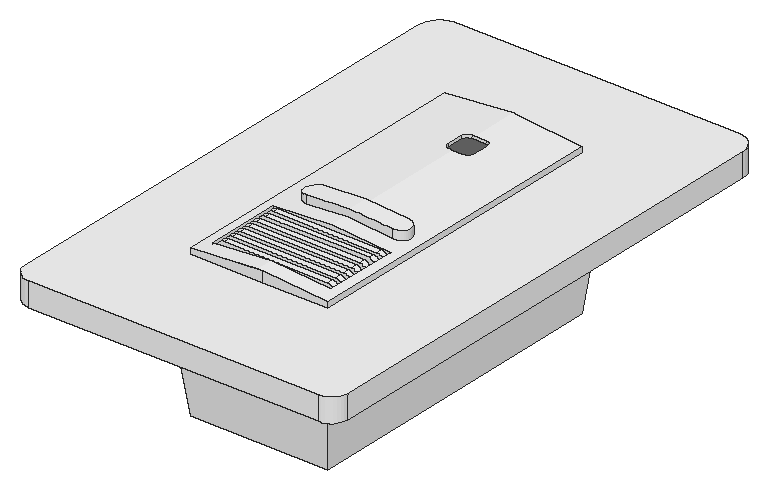
Revit family "1116A_LightHAWK2_LHUS", category Communication Devices, host Face, Revit 2021
Family settings
  Host = Face
  Maintain Annotation Orientation = No
  Round Connector Dimension = Use Diameter
  Part Type = Normal
  OmniClass Number = 23.85.80.11.27
  OmniClass Title = Lighting Controls
  Cut with Voids When Loaded = No
  Shared = Yes
  Room Calculation Point = No
Parameters
  Warranty = "5-Years Warranty"  # constant formula
  Type Comments = "LightHAWK®2 Ultrasonic Wall Switch Sensor"  # constant formula
  Product Page URL = ""
  Product Documentation Link = ""
  URL = "https://www.currentlighting.com/nxlightingcontrols"
  Model = " Wall Switch Occupancy Sensors"  # constant formula
  Manufacturer = " NX Lighting Controls"  # constant formula
  Width = 2.75"
  Features = "Digital Ultrasonic (US) sensor \r\nIntelliDAPT self-adaptive technology—no manual adjustment required \r\nDual circuit has isolated relays \r\nOccupancy (auto-on) and Vacancy (manual-on) operating modes \r\nAvailable with or without Neutral \r\n400 square-foot, 180° coverage area \r\n120/277VAC operation \r\nNo minimum load requirement \r\nZero Arc Point Switching \r\nFive-year limited warranty \r\n120-277VAC and 347VAC models \r\nLow voltage device: 24VDC \r\n"  # constant formula
  Black = Paint -  Carbon Black
  Height = 4.50"
  White = Paint - Matte White
  Description = "The LightHAWK®2 Ultrasonic Wall Switch Sensor uses ultrasonic (US)\r\ntechnology for detecting minor movement in areas with line-ofsight\r\nobstacles such as cubicles and stalls. Ultrasonic technology is\r\nvolumetric in nature, its coverage pattern can adapt itself to fill oddly\r\nshaped spaces such as alcoves, recesses, and nooks. This sensor has a\r\ncoverage area of up to 400 square feet and 180° of detection"  # constant formula
  Default Elevation = 48.00"
  Copyright = "Copyright ©  NX Lighting Controls"  # constant formula
  Contact Us = ""
  Assembly Code = "D5090"
Reference planes (in)
  plane 1 "Center (Front/Back)": y = 13.01342
  plane 2: z = 0
  plane 3 "Center (Left/Right)": x = 0
  plane 4: x = -1.375
  plane 5: x = 1.375
  plane 6: y = 15.26342
  plane 7: y = 10.76342
  plane 8: z = -1.35
  plane 9: z = 0.3
Forms (in)
  Extrusion 1, solid, material "Paint - Matte White" <- "White"
    sketch origin (0, 0, -0.5) x (1, 0, 0) y (0, 1, 0)
      loop
        arc (-1.17464, 15.26342) -> (-1.31632, 15.20473) -> (-1.375, 15.06306) r 0.20036
        line (-1.375, 15.06306) -> (-1.375, 10.91856)
        arc (-1.375, 10.91856) -> (-1.32956, 10.80886) -> (-1.21986, 10.76342) r 0.15514
        line (-1.21986, 10.76342) -> (1.23768, 10.76342)
        arc (1.23768, 10.76342) -> (1.33478, 10.80364) -> (1.375, 10.90074) r 0.13732
        line (1.375, 10.90074) -> (1.375, 15.08233)
        arc (1.375, 15.08233) -> (1.32196, 15.21038) -> (1.19391, 15.26342) r 0.18109
        line (1.19391, 15.26342) -> (-1.17464, 15.26342)
    from 0.6 to 0.4
  Extrusion 2, solid, material "Paint - Matte White" <- "White"
    sketch origin (0, 0, 0) x (1, 0, 0) y (0, 1, 0)
      loop
        line (-0.61252, 14.41205) -> (-0.61252, 11.71709) -> (0, 11.71709) -> (0.55202, 11.71709) -> (0.55202, 14.41205) -> (0, 14.41205) -> (-0.61252, 14.41205)
    from 0.23534 to 0.1
  Extrusion 3, void
    sketch origin (0, 13.01342, 0) x (1, 0, 0) y (0, 0, 1)
      loop
        line (-0.80064, 0.50032) -> (-0.80064, 0.11093)
        arc (-0.80064, 0.11093) -> (-0.03604, 0.19217) -> (0.72866, 0.11196) r 3.66183
        line (0.72866, 0.11196) -> (0.72866, 0.50032) -> (-0.80064, 0.50032)
    from 1.29633 to -1.39863
  Extrusion 4, solid, material "Paint - Matte White" <- "White"
    sketch origin (0, -0.50782, -0.15625) x (1, 0, 0) y (0, 1, 0)
      loop
        arc (-0.36532, 13.31515) -> (-0.44943, 13.23104) -> (-0.36532, 13.14693) r 0.08411
        line (-0.36532, 13.14693) -> (0.36532, 13.14693)
        arc (0.36532, 13.14693) -> (0.44943, 13.23104) -> (0.36532, 13.31515) r 0.08411
        line (0.36532, 13.31515) -> (-0.36532, 13.31515)
    from 0.41734 to 0.3
  Extrusion 5, void
    sketch origin (0, 12.66185, -0.15625) x (1, 0, 0) y (0, 0, 1)
      loop
        line (-0.68234, 0.93634) -> (-0.68234, 0.33634)
        arc (-0.68234, 0.33634) -> (0.00087, 0.41153) -> (0.68408, 0.33634) r 3.14149
        line (0.68408, 0.33634) -> (0.68408, 0.93634) -> (-0.68234, 0.93634)
    from 0.07779 to -0.22916
  Extrusion 6, void
    sketch origin (0, 0, 0) x (1, 0, 0) y (0, 1, 0)
      loop
        line (-0.52918, 12.4843) -> (-0.52918, 11.85227) -> (0.47082, 11.85227) -> (0.47082, 12.4843) -> (-0.52918, 12.4843)
    from 0.8 to 0
  Extrusion 7, solid, material "Paint - Matte White" <- "White"
    sketch origin (-0.20544, 12.15494, -0.06076) x (1, 0, 0) y (0, 0, 1)
      loop
        line (-0.32566, 0.16057) -> (0.08594, 0.16057) -> (0.68073, 0.16057)
        arc (0.68073, 0.16057) -> (0.66385, 0.20745) -> (0.62096, 0.23281) r 0.07354
        arc (0.62096, 0.23281) -> (0.18246, 0.249) -> (-0.25611, 0.23492) r 6.36196
        arc (-0.25611, 0.23492) -> (-0.30556, 0.21148) -> (-0.32566, 0.16057) r 0.07451
    from 0.2657 to 0.21808
  Extrusion 8, solid, material "Paint - Matte White" <- "White"
    sketch origin (-0.20544, 12.23954, -0.06076) x (1, 0, 0) y (0, 0, 1)
      loop
        line (-0.32566, 0.16057) -> (0.08594, 0.16057) -> (0.68073, 0.16057)
        arc (0.68073, 0.16057) -> (0.66385, 0.20745) -> (0.62096, 0.23281) r 0.07354
        arc (0.62096, 0.23281) -> (0.18246, 0.249) -> (-0.25611, 0.23492) r 6.36196
        arc (-0.25611, 0.23492) -> (-0.30556, 0.21148) -> (-0.32566, 0.16057) r 0.07451
    from 0.2657 to 0.21808
  Extrusion 9, solid, material "Paint - Matte White" <- "White"
    sketch origin (-0.20544, 12.32413, -0.06076) x (1, 0, 0) y (0, 0, 1)
      loop
        line (-0.32566, 0.16057) -> (0.08594, 0.16057) -> (0.68073, 0.16057)
        arc (0.68073, 0.16057) -> (0.66385, 0.20745) -> (0.62096, 0.23281) r 0.07354
        arc (0.62096, 0.23281) -> (0.18246, 0.249) -> (-0.25611, 0.23492) r 6.36196
        arc (-0.25611, 0.23492) -> (-0.30556, 0.21148) -> (-0.32566, 0.16057) r 0.07451
    from 0.2657 to 0.21808
  Extrusion 10, solid, material "Paint - Matte White" <- "White"
    sketch origin (-0.20544, 12.40872, -0.06076) x (1, 0, 0) y (0, 0, 1)
      loop
        line (-0.32566, 0.16057) -> (0.08594, 0.16057) -> (0.68073, 0.16057)
        arc (0.68073, 0.16057) -> (0.66385, 0.20745) -> (0.62096, 0.23281) r 0.07354
        arc (0.62096, 0.23281) -> (0.18246, 0.249) -> (-0.25611, 0.23492) r 6.36196
        arc (-0.25611, 0.23492) -> (-0.30556, 0.21148) -> (-0.32566, 0.16057) r 0.07451
    from 0.2657 to 0.21808
  Extrusion 11, solid, material "Paint - Matte White" <- "White"
    sketch origin (-0.20544, 12.49332, -0.06076) x (1, 0, 0) y (0, 0, 1)
      loop
        line (-0.32566, 0.16057) -> (0.08594, 0.16057) -> (0.68073, 0.16057)
        arc (0.68073, 0.16057) -> (0.66385, 0.20745) -> (0.62096, 0.23281) r 0.07354
        arc (0.62096, 0.23281) -> (0.18246, 0.249) -> (-0.25611, 0.23492) r 6.36196
        arc (-0.25611, 0.23492) -> (-0.30556, 0.21148) -> (-0.32566, 0.16057) r 0.07451
    from 0.2657 to 0.21808
  Extrusion 12, solid, material "Paint - Matte White" <- "White"
    sketch origin (-0.20544, 12.58844, -0.06076) x (1, 0, 0) y (0, 0, 1)
      loop
        line (-0.32566, 0.16057) -> (0.08594, 0.16057) -> (0.68073, 0.16057)
        arc (0.68073, 0.16057) -> (0.66385, 0.20745) -> (0.62096, 0.23281) r 0.07354
        arc (0.62096, 0.23281) -> (0.18246, 0.249) -> (-0.25611, 0.23492) r 6.36196
        arc (-0.25611, 0.23492) -> (-0.30556, 0.21148) -> (-0.32566, 0.16057) r 0.07451
    from 0.2657 to 0.21808
  Extrusion 13, solid, material "Paint - Matte White" <- "White"
    sketch origin (-0.20544, 12.67303, -0.06076) x (1, 0, 0) y (0, 0, 1)
      loop
        line (-0.32566, 0.16057) -> (0.08594, 0.16057) -> (0.68073, 0.16057)
        arc (0.68073, 0.16057) -> (0.66385, 0.20745) -> (0.62096, 0.23281) r 0.07354
        arc (0.62096, 0.23281) -> (0.18246, 0.249) -> (-0.25611, 0.23492) r 6.36196
        arc (-0.25611, 0.23492) -> (-0.30556, 0.21148) -> (-0.32566, 0.16057) r 0.07451
    from 0.2657 to 0.21808
  Extrusion 14, void
    sketch origin (0, 0, 0) x (1, 0, 0) y (0, 1, 0)
      loop
        arc (-0.05908, 14.00966) -> (-0.09724, 13.99385) -> (-0.11305, 13.9557) r 0.05396
        line (-0.11305, 13.9557) -> (-0.11305, 13.82325)
        arc (-0.11305, 13.82325) -> (-0.09772, 13.78624) -> (-0.06071, 13.77091) r 0.05234
        line (-0.06071, 13.77091) -> (0.0577, 13.77091)
        arc (0.0577, 13.77091) -> (0.09473, 13.78625) -> (0.11008, 13.82329) r 0.05238
        line (0.11008, 13.82329) -> (0.11008, 13.95867)
        arc (0.11008, 13.95867) -> (0.09514, 13.99473) -> (0.05908, 14.00966) r 0.05099
        line (0.05908, 14.00966) -> (-0.05908, 14.00966)
    from 0.22626 to 0.1699
  Blend 15, solid, material "Paint - Matte White" <- "White"
    base sketch origin (0, 0, 0) x (1, 0, 0) y (0, 1, 0)
      loop
        line (-0.73509, 14.56519) -> (-0.73509, 11.56519) -> (0.66835, 11.56519) -> (0.66835, 14.56519) -> (-0.73509, 14.56519)
    top sketch origin (0, 0, 0) x (1, 0, 0) y (0, 1, 0)
      loop
        line (-0.61252, 14.41205) -> (-0.61252, 11.71709) -> (0.55202, 11.71709) -> (0.55202, 14.41205) -> (-0.61252, 14.41205)
    from 0 to -1.12608
Cuts and joins
  Extrusion 3, Extrusion 6 cuts Extrusion 1
  Extrusion 3, Extrusion 6, Extrusion 14 cuts Extrusion 2
  joined: Extrusion 1, Extrusion 2
  Extrusion 5 cuts Extrusion 4
Dimensions and locks (in)
  plane 2 to plane 8 = 1.35"
  "Width": plane 4 to plane 5
  equal spacing: plane 4, plane 3 "Center (Left/Right)", plane 5
  "Height": plane 7 to plane 6
  equal spacing: plane 7, plane 1 "Center (Front/Back)", plane 6
  plane 9 to plane 8 = 1.65"
  aligned and locked: plane 2 to host face
  aligned and locked: level to host face
Automatic sketch dimensions
  host sketch curve to host sketch curve = 96.00"  (x2)
  Extrusion 1 sketch curve to plane 4 = 0.00"
  plane 7 to Extrusion 1 sketch curve = 0.00"
  plane 6 to Extrusion 1 sketch curve = 0.00"
  Extrusion 1 sketch curve to plane 5 = 0.00"
  plane 4 to Extrusion 1 sketch curve = 0.15514"
  plane 4 to Extrusion 1 sketch curve = 0.20036"
  Extrusion 1 sketch curve to Extrusion 1 sketch curve = 0.18109"
  Extrusion 1 sketch curve to plane 5 = 0.13732"
  Extrusion 2 sketch curve to plane 3 "Center (Left/Right)" = 0.00"  (x2)
  Extrusion 2 sketch curve to plane 3 "Center (Left/Right)" = 0.61252"
  Extrusion 2 sketch curve to Extrusion 2 sketch curve = 0.55202"
  Extrusion 2 sketch curve to plane 7 = 0.95367"
  plane 6 to Extrusion 2 sketch curve = 0.85137"
  level to Extrusion 3 sketch curve = 0.11093"
  plane 4 to Extrusion 3 sketch curve = 0.57436"
  Extrusion 3 sketch curve to plane 3 "Center (Left/Right)" = 0.03357"
  level to Extrusion 3 sketch curve = 0.11196"
  plane 3 "Center (Left/Right)" to Extrusion 3 sketch curve = 0.72866"
  Extrusion 3 sketch curve to plane 9 = 0.20032"
  plane 1 "Center (Front/Back)" to Extrusion 4 sketch curve = 0.20609"
  Extrusion 4 sketch curve to plane 3 "Center (Left/Right)" = 0.36532"
  plane 3 "Center (Left/Right)" to Extrusion 4 sketch curve = 0.36532"
  Extrusion 4 sketch curve to Extrusion 4 sketch curve = 0.08411"
  plane 9 to Extrusion 5 sketch curve = 0.11991"
  Extrusion 5 sketch curve to plane 3 "Center (Left/Right)" = 0.68234"
  plane 3 "Center (Left/Right)" to Extrusion 5 sketch curve = 0.00087"
  plane 3 "Center (Left/Right)" to Extrusion 5 sketch curve = 0.68408"
  plane 8 to Extrusion 5 sketch curve = 1.53622"
  Extrusion 5 sketch curve to plane 9 = 0.48009"
  Extrusion 5 sketch curve to Extrusion 5 sketch curve = 0.00"
  Extrusion 6 sketch curve to plane 3 "Center (Left/Right)" = 0.52918"
  plane 3 "Center (Left/Right)" to Extrusion 6 sketch curve = 0.47082"
  Extrusion 6 sketch curve to plane 7 = 1.08885"
  plane 1 "Center (Front/Back)" to Extrusion 6 sketch curve = 0.52912"
  level to Extrusion 7 sketch curve = 0.09982"
  Extrusion 7 sketch curve to plane 3 "Center (Left/Right)" = 0.5311"
  Extrusion 7 sketch curve to Extrusion 7 sketch curve = 0.07451"
  Extrusion 7 sketch curve to plane 3 "Center (Left/Right)" = 0.1195"
  Extrusion 7 sketch curve to plane 3 "Center (Left/Right)" = 0.03822"
  plane 3 "Center (Left/Right)" to Extrusion 7 sketch curve = 0.40175"
  Extrusion 7 sketch curve to Extrusion 7 sketch curve = 0.07354"
  plane 8 to Extrusion 7 sketch curve = 4.8237"
  Extrusion 7 sketch curve to Extrusion 7 sketch curve = 0.00"
  level to Extrusion 8 sketch curve = 0.09982"
  Extrusion 8 sketch curve to plane 3 "Center (Left/Right)" = 0.5311"
  Extrusion 8 sketch curve to Extrusion 8 sketch curve = 0.07451"
  Extrusion 8 sketch curve to plane 3 "Center (Left/Right)" = 0.1195"
  Extrusion 8 sketch curve to plane 3 "Center (Left/Right)" = 0.03822"
  plane 3 "Center (Left/Right)" to Extrusion 8 sketch curve = 0.40175"
  Extrusion 8 sketch curve to Extrusion 8 sketch curve = 0.07354"
  plane 8 to Extrusion 8 sketch curve = 4.8237"
  Extrusion 8 sketch curve to Extrusion 8 sketch curve = 0.00"
  level to Extrusion 9 sketch curve = 0.09982"
  Extrusion 9 sketch curve to plane 3 "Center (Left/Right)" = 0.5311"
  Extrusion 9 sketch curve to Extrusion 9 sketch curve = 0.07451"
  Extrusion 9 sketch curve to plane 3 "Center (Left/Right)" = 0.1195"
  Extrusion 9 sketch curve to plane 3 "Center (Left/Right)" = 0.03822"
  plane 3 "Center (Left/Right)" to Extrusion 9 sketch curve = 0.40175"
  Extrusion 9 sketch curve to Extrusion 9 sketch curve = 0.07354"
  plane 8 to Extrusion 9 sketch curve = 4.8237"
  Extrusion 9 sketch curve to Extrusion 9 sketch curve = 0.00"
  level to Extrusion 10 sketch curve = 0.09982"
  Extrusion 10 sketch curve to plane 3 "Center (Left/Right)" = 0.5311"
  Extrusion 10 sketch curve to Extrusion 10 sketch curve = 0.07451"
  Extrusion 10 sketch curve to plane 3 "Center (Left/Right)" = 0.1195"
  Extrusion 10 sketch curve to plane 3 "Center (Left/Right)" = 0.03822"
  plane 3 "Center (Left/Right)" to Extrusion 10 sketch curve = 0.40175"
  Extrusion 10 sketch curve to Extrusion 10 sketch curve = 0.07354"
  plane 8 to Extrusion 10 sketch curve = 4.8237"
  Extrusion 10 sketch curve to Extrusion 10 sketch curve = 0.00"
  level to Extrusion 11 sketch curve = 0.09982"
  Extrusion 11 sketch curve to plane 3 "Center (Left/Right)" = 0.5311"
  Extrusion 11 sketch curve to Extrusion 11 sketch curve = 0.07451"
  Extrusion 11 sketch curve to plane 3 "Center (Left/Right)" = 0.1195"
  Extrusion 11 sketch curve to plane 3 "Center (Left/Right)" = 0.03822"
  plane 3 "Center (Left/Right)" to Extrusion 11 sketch curve = 0.40175"
  Extrusion 11 sketch curve to Extrusion 11 sketch curve = 0.07354"
  plane 8 to Extrusion 11 sketch curve = 4.8237"
  Extrusion 11 sketch curve to Extrusion 11 sketch curve = 0.00"
  level to Extrusion 12 sketch curve = 0.09982"
  Extrusion 12 sketch curve to plane 3 "Center (Left/Right)" = 0.5311"
  Extrusion 12 sketch curve to Extrusion 12 sketch curve = 0.07451"
  Extrusion 12 sketch curve to plane 3 "Center (Left/Right)" = 0.1195"
  Extrusion 12 sketch curve to plane 3 "Center (Left/Right)" = 0.03822"
  plane 3 "Center (Left/Right)" to Extrusion 12 sketch curve = 0.40175"
  Extrusion 12 sketch curve to Extrusion 12 sketch curve = 0.07354"
  plane 8 to Extrusion 12 sketch curve = 4.8237"
  Extrusion 12 sketch curve to Extrusion 12 sketch curve = 0.00"
  level to Extrusion 13 sketch curve = 0.09982"
  Extrusion 13 sketch curve to plane 3 "Center (Left/Right)" = 0.5311"
  Extrusion 13 sketch curve to Extrusion 13 sketch curve = 0.07451"
  Extrusion 13 sketch curve to plane 3 "Center (Left/Right)" = 0.1195"
  Extrusion 13 sketch curve to plane 3 "Center (Left/Right)" = 0.03822"
  plane 3 "Center (Left/Right)" to Extrusion 13 sketch curve = 0.40175"
  Extrusion 13 sketch curve to Extrusion 13 sketch curve = 0.07354"
  plane 8 to Extrusion 13 sketch curve = 4.8237"
  Extrusion 13 sketch curve to Extrusion 13 sketch curve = 0.00"
  plane 4 to Blend 15 sketch curve = 0.63991"
  plane 3 "Center (Left/Right)" to Blend 15 sketch curve = 0.66835"
  Blend 15 sketch curve to plane 7 = 0.80177"
  plane 6 to Blend 15 sketch curve = 0.69823"
  Blend 15 sketch curve to plane 3 "Center (Left/Right)" = 0.61252"
  plane 3 "Center (Left/Right)" to Blend 15 sketch curve = 0.55202"
  Blend 15 sketch curve to plane 7 = 0.95367"
  plane 6 to Blend 15 sketch curve = 0.85137"
  Extrusion 14 sketch curve to plane 3 "Center (Left/Right)" = 0.11305"
  Extrusion 14 sketch curve to plane 3 "Center (Left/Right)" = 0.06071"
  Extrusion 14 sketch curve to plane 3 "Center (Left/Right)" = 0.05908"
  plane 3 "Center (Left/Right)" to Extrusion 14 sketch curve = 0.0577"
  Extrusion 14 sketch curve to plane 1 "Center (Front/Back)" = 0.75749"
  plane 3 "Center (Left/Right)" to Extrusion 14 sketch curve = 0.05908"
  Extrusion 14 sketch curve to Extrusion 14 sketch curve = 0.05099"
  Extrusion 14 sketch curve to Extrusion 14 sketch curve = 0.13244"
Connectors (in)
  electrical at (0.00464, 13.0023, 0.1)
    settings: on cut or joined group of Extrusion 1, Extrusion 2, Extrusion 3, Extrusion 6, Extrusion 14, index 1, voltage 0 V, apparent load 0 VA, apparent load phase1 0 VA, apparent load phase2 0 VA, apparent load phase3 0 VA, power factor 1, load classification "Other", number of poles 1, system type 14, power factor state 1, is connector primary yes, connector utility no, sub classification motor no, connector description "Wall Switch Occupancy Sensors"
